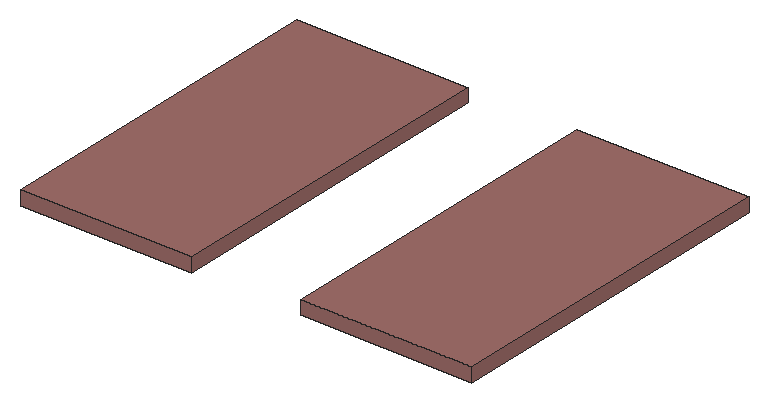
Revit family "Bridge_Slab", category Generic Models, Revit 2020
Family settings
  Can host rebar = No
  Round Connector Dimension = Use Diameter
  Part Type = Normal
  Work Plane-Based = No
  Always vertical = Yes
  Cut with Voids When Loaded = No
  Shared = No
  Room Calculation Point = No
Parameters
  Width = 3 m
  URL = "https://www.ncdot.gov/initiatives-policies/Transportation/bridges/historic-bridges/bridge-types/Pages/reinforced-slab.aspx#:~:text=Slab%20bridges%20are%20monolithic%2C%20flat,length%20and%20live%2Dload%20capacity."
  Type Comments = "Version 1.0"
  Top_Lighting = yes
  Top_Height = 11 m
  Thickness = 0.25 m
  Slope = 1 (stored number, unit not read)
  Reliability_Class = "CC1"
  Railings_Present = yes
  Pavement_Material = "Asphalt_Fiets_Grade"
  Model = "New Phase"
  Material = Earth
  Manufacturer = "Royal HaskoningDHV - TU Delft"
  Maintenance_Plan = yes
  Level = ""
  Length = 80 m
  Keynote = "CME Master Thesis - Shreenidhi"
  Headroom = 10 m
  Future_Expansion_Feasibility = yes
  Durability_Class = "MX4"
  Design_Life = 25
  Description = "Slab for the proposed bridge"
  Deicing_Prevention = yes
  Default Elevation = 0 m
  Chloride_Protection = yes
  Cable_Ducts = yes
  Bottom_Height = 10 m
  Assembly Code = "VD004"
Reference planes (m)
  plane 1 "Center (Front/Back)": y = 0
  plane 2: z = 0
  plane 3 "Center (Left/Right)": x = 0
Forms (m)
  Extrusion 1, solid, material "Brick, Common, Red"
    sketch origin (0, 0, 0) x (1, 0, 0) y (0, 1, 0)
      loop
        line (0, -5.973086) -> (3.037107, -5.973086) -> (3.037107, 0.15) -> (0, 0.15) -> (0, -5.973086)
    from 0 to 0.25
  Extrusion 2, solid, material "Brick, Common, Red"
    sketch origin (4.962893, 0, 0) x (1, 0, 0) y (0, 1, 0)
      loop
        line (0, -5.973086) -> (3.037107, -5.973086) -> (3.037107, 0.15) -> (0, 0.15) -> (0, -5.973086)
    from 0 to 0.25
Dimensions and locks (m)
  aligned and locked: level to plane 2
